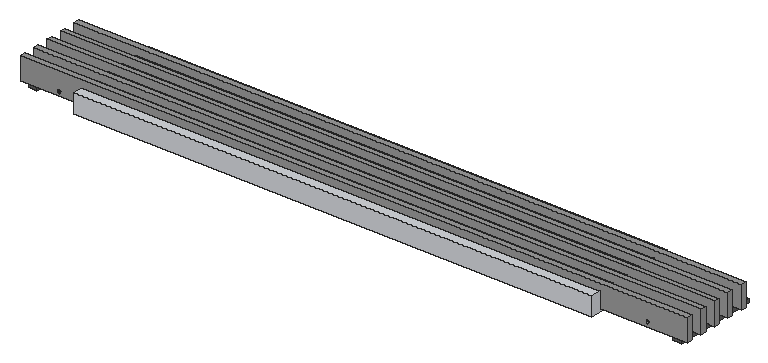
Revit family "1214-5, Solid", category Generic Models, host Face, Revit 2020
Family settings
  Host = Face
  Can host rebar = No
  Round Connector Dimension = Use Diameter
  Part Type = Normal
  Cut with Voids When Loaded = No
  Shared = No
  Room Calculation Point = No
Parameters
  min_value [instance] = 1' - 11 1/4"  # constant formula
  max_value [instance] = 11' - 11 1/4"  # constant formula
  actual_value [instance] = if(NET LENGTH < min_value, min_value, if(NET LENGTH > max_value, max_value, NET LENGTH))  # 7' - 11 1/4"
  NET LENGTH [instance] = 7' - 11 1/4"
  IMPORTANT NOTE!!!                                                                             *Backer & dowel layout is for visualization purposes only, final layout to be determined by 9Wood. [instance] = ""
  Default Elevation = 4' - 0"
  DOWEL RADIUS [instance] = 0' - 0 1/4"  # constant formula
  BACKING M MATERIAL [instance] = BLACK-BACKERS
  .. MEMBER WIDTH [instance] = 0' - 0 3/4"  # constant formula
  .. MEMBER MATERIAL [instance] = Solid Western Hemlock
  .. MEMBER DEPTH [instance] = 0' - 3 1/4"  # constant formula
  .. MEMBER COUNT [instance] = 5  # constant formula
Reference planes (in)
  plane 1 "Center (Front/Back)": y = 0
  plane 2: z = 2.726
  plane 3 "Center (Left/Right)": x = 0
Forms (in)
  Extrusion 1, solid
    sketch origin (15, -0.86619, -0.99308) x (0, 1, 0) y (-1, 0, 0)
      loop
        line (3.42869, -23.66817) -> (3.42869, 50.25) -> (-10, 50.25) -> (-10, -23.66817) -> (3.42869, -23.66817)
    from 3.71908 to 1.00111
Dimensions and locks (in)
  aligned and locked: plane 2 to Extrusion 1
Nested families (in)
  nested 1: "1200 Series" at (-44, -2, 1.87867), NET LENGTH <- "actual_value", DOWEL RADII <- "DOWEL RADIUS", .. MEMBER WIDTH <- ".. MEMBER WIDTH", .. MEMBER DEPTH <- ".. MEMBER DEPTH", .. MEMBER MATERIAL <- ".. MEMBER MATERIAL", BACKING M MATERIAL <- "BACKING M MATERIAL", .. MEMBER COUNT <- ".. MEMBER COUNT", type "1200 Series"
    with X 7' - 4", WIDTH 1' - 0 1/16", Space 0' - 0 11/16", START 0' - 0 3/8", SCRIM MATERIAL SCRIM, SCRIM 3 8' - 1", SCRIM 2 0' - 0 7/8", SCRIM 1 0' - 0 3/32", SCRIM yes, NET LENGTH 7' - 11 1/4", N 8, INSET 3 0' - 0 3/16", INSET 0' - 1", INDEX 0' - 5 5/8", END BACKER yes, DOWEL RADII 0' - 0 1/4", DOWEL COUNT 8, BACKING M WIDTH 0' - 1 1/4", BACKING M MATERIAL BLACK-BACKERS, BACKING M LENGTH 0' - 11 7/8", BACKING M DEPTH 0' - 0 1/2", .. MEMBER WIDTH 0' - 0 3/4", .. MEMBER OC TYP 0' - 2.4", .. MEMBER MATERIAL Solid Western Hemlock, .. MEMBER DEPTH 0' - 3 1/4", .. MEMBER COUNT 5
Definition of nested family "1200 Series"
  Parameters (values of type "1200 Series")
    X [instance] = NET LENGTH - (0' 3 5/8" * 2)  # 6' - 2"
    WIDTH [instance] = 1' - 0 1/16"
    Space [instance] = 0' - 0 11/16"  # constant formula
    START [instance] = .. MEMBER WIDTH / 2  # 0' - 0 3/8"
    SCRIM MATERIAL [instance] = none
    SCRIM 3 [instance] = NET LENGTH + (SCRIM 2 * 2)  # 6' - 11"
    SCRIM 2 [instance] = 0' - 0 7/8"
    SCRIM 1 [instance] = 0' - 0 3/32"
    SCRIM [instance] = yes
    NET LENGTH [instance] = 6' - 9 1/4"
    N [instance] = if((X - (rounddown(X / 1' 0") * 1' 0")) > 1' 0", rounddown(X / 1' 0") + 2, rounddown(X / 1' 0") + 1)  # 7
    INSET 3 [instance] = 0' - 0 3/16"
    INSET [instance] = 0' - 1"
    INDEX [instance] = (NET LENGTH - ((N - 1) * 1' 0")) / 2  # 0' - 4 5/8"
    END BACKER [instance] = yes
    Default Elevation = 0' - 0"
    DOWEL RADII [instance] = 0' - 0 1/4"
    DOWEL COUNT [instance] = N  # 7
    BACKING M WIDTH [instance] = 0' - 1 1/4"
    BACKING M MATERIAL [instance] = none
    BACKING M LENGTH [instance] = 0' - 11 7/8"
    BACKING M DEPTH [instance] = 0' - 0 1/2"
    .. MEMBER WIDTH [instance] = 0' - 0 3/4"
    .. MEMBER OC TYP [instance] = 1' 0" / .. MEMBER COUNT  # 0' - 3"
    .. MEMBER MATERIAL [instance] = none
    .. MEMBER DEPTH [instance] = 0' - 1 3/8"
    .. MEMBER COUNT [instance] = 4
  Reference planes (in)
    plane 1 "Center (Front/Back)": y = -7.5
    plane 2: z = 0
    plane 3 "Center (Left/Right)": x = 0
    plane 4: x = 1
    plane 5: x = 4.625
    plane 6: x = 81.25
    plane 7: x = 80.25
    plane 8: x = 16.625
    plane 9: y = -7.3125
    plane 10: y = -4.125
    plane 11: y = -7.125
    plane 12: y = 4.5625
    plane 13: y = -4.5
    plane 14: y = -7.59375
    plane 15: x = 82.125
    plane 16: y = 4.65625
    plane 17: x = -0.875
    plane 18: z = -1.375
    plane 19: z = -0.6875
  Lines and regions (in)
    model lines
      curve 1: line (4.375, -7.5, -0.6875) -> (4.875, -7.5, -0.6875)
    model lines, not visible
      curve 2: line (4.625, -7.5, -0.9375) -> (4.625, -7.5, -0.4375)
      curve 3: line (4.375, -7.5, -0.6875) -> (4.875, -7.5, -0.6875)
      curve 4: line (16.625, -7.5, -0.9375) -> (16.625, -7.5, -0.4375)
      curve 5: line (16.375, -7.5, -0.6875) -> (16.875, -7.5, -0.6875)
      curve 6: line (28.625, -7.5, -0.9375) -> (28.625, -7.5, -0.4375)
      curve 7: line (28.375, -7.5, -0.6875) -> (28.875, -7.5, -0.6875)
      curve 8: line (40.625, -7.5, -0.9375) -> (40.625, -7.5, -0.4375)
      curve 9: line (40.375, -7.5, -0.6875) -> (40.875, -7.5, -0.6875)
      curve 10: line (52.625, -7.5, -0.9375) -> (52.625, -7.5, -0.4375)
      curve 11: line (52.375, -7.5, -0.6875) -> (52.875, -7.5, -0.6875)
      curve 12: line (64.625, -7.5, -0.9375) -> (64.625, -7.5, -0.4375)
      curve 13: line (64.375, -7.5, -0.6875) -> (64.875, -7.5, -0.6875)
      curve 14: line (76.625, -7.5, -0.9375) -> (76.625, -7.5, -0.4375)
      curve 15: line (76.375, -7.5, -0.6875) -> (76.875, -7.5, -0.6875)
  Dimensions and locks (in)
    "NET LENGTH": plane 3 "Center (Left/Right)" to plane 6
    "INSET": plane 7 to plane 6
    "INDEX": plane 3 "Center (Left/Right)" to plane 5
    plane 5 to plane 8 = 1' - 0"
    "INSET 3": plane 1 "Center (Front/Back)" to plane 9
    equal spacing: group 1, group 2, group 3, group 4  (x3)
    "START": plane 11 to plane 1 "Center (Front/Back)"
    ".. MEMBER OC TYP": plane 10 to plane 11
    "WIDTH": plane 12 to plane 1 "Center (Front/Back)"
    "START": plane 10 to plane 13
    "SCRIM 1": plane 14 to plane 1 "Center (Front/Back)"
    "SCRIM 2": plane 6 to plane 15
    "SCRIM 1": plane 12 to plane 16
    "SCRIM 2": plane 17 to plane 3 "Center (Left/Right)"
    "INSET": plane 3 "Center (Left/Right)" to plane 4
    equal spacing: group 5, group 6, group 7, group 8, group 9, group 10, group 11  (x3)
    "Space": plane 19 to plane 18
    aligned and locked: level to plane 2
    aligned and locked: nested 1 to plane 4  (x2)
    aligned and locked: plane 7 to nested 2
    aligned and locked: plane 5 to nested 3
    aligned and locked: nested 1 to plane 9
    aligned and locked: plane 1 "Center (Front/Back)" to nested 4
    aligned and locked: plane 9 to nested 2
    aligned and locked: plane 13 to nested 5
    aligned and locked: nested 3 to plane 9
    aligned and locked: plane 18 to nested 1
    aligned and locked: plane 19 to nested 3
    aligned and locked: curve 1 to plane 19
    aligned and locked: plane 8 to curve 4
    aligned and locked: curve 5 to plane 19
    aligned and locked: nested 4 to plane 18
  Automatic sketch dimensions
    curve 1 to curve 1 = 0' - 0 1/2"
    curve 1 to plane 5 = 0' - 0 1/4"
    plane 5 to curve 1 = 0' - 0 1/4"
    curve 3 to curve 2 = 0' - 0 1/4"  (x2)
    curve 2 to curve 3 = 0' - 0 1/4"  (x2)
    curve 5 to curve 4 = 0' - 0 1/4"  (x2)
    curve 4 to curve 5 = 0' - 0 1/4"  (x2)
    curve 7 to curve 6 = 0' - 0 1/4"  (x2)
    curve 6 to curve 7 = 0' - 0 1/4"  (x2)
    curve 9 to curve 8 = 0' - 0 1/4"  (x2)
    curve 8 to curve 9 = 0' - 0 1/4"  (x2)
    curve 11 to curve 10 = 0' - 0 1/4"  (x2)
    curve 10 to curve 11 = 0' - 0 1/4"  (x2)
    curve 13 to curve 12 = 0' - 0 1/4"  (x2)
    curve 12 to curve 13 = 0' - 0 1/4"  (x2)
    curve 15 to curve 14 = 0' - 0 1/4"  (x2)
    curve 14 to curve 15 = 0' - 0 1/4"  (x2)
  Nested families (in)
    nested 1: "INSTANCE - 2ND -  EXTEND SIDE H CENTER W - Parametric Cube" at (1, -1.375, -1.375) x (0, -1, 0) z (0, 0, 1), Width <- "BACKING M LENGTH", Length <- "BACKING M WIDTH", Material <- "BACKING M MATERIAL", Height <- "BACKING M DEPTH", visible <- "END BACKER", type "INSTANCE - 2ND -  EXTEND SIDE H CENTER W - Parametric Cube"
      with Width 0' - 11 7/8", Material none, Length 0' - 1 1/4", Height 0' - 0 1/2"
    nested 2: "INSTANCE - 2ND -  EXTEND SIDE H CENTER W - Parametric Cube" at (80.25, -1.375, -1.375) x (0, -1, 0) z (0, 0, 1), Width <- "BACKING M LENGTH", Length <- "BACKING M WIDTH", Material <- "BACKING M MATERIAL", Height <- "BACKING M DEPTH", visible <- "END BACKER", type "INSTANCE - 2ND -  EXTEND SIDE H CENTER W - Parametric Cube"
      with Width 0' - 11 7/8", Material none, Length 0' - 1 1/4", Height 0' - 0 1/2"
    nested 3: "Family3" at (-5.375, -7.3125, -0.6875), DOWEL RADII <- "DOWEL RADII", BACKING MEM MATERIAL <- "BACKING M MATERIAL", type "Family3"
      with DOWEL RADII 0' - 0 1/4", DOWEL LENGTH 0' - 11 7/8", BACKING MEM MATERIAL none
    nested 4: "HOLED MEMBER" at (0, -18.75, 6.19404), DOWEL RADII <- "DOWEL RADII", .. MEMBER LENGTH <- "NET LENGTH", DOWEL COUNT <- "DOWEL COUNT", DEPTH <- ".. MEMBER DEPTH", .. MEMBER WIDTH <- ".. MEMBER WIDTH", Material <- ".. MEMBER MATERIAL", DOWEL INDEX <- "INDEX", Space 2 <- "Space", type "HOLED MEMBER"
      with Width 0' - 6", Space 2 0' - 0 11/16", Material none, Length 1' - 0", Height 0' - 10.43096", DOWEL RADII 0' - 0 1/4", DOWEL OC DIST 1' - 0", DOWEL INDEX 0' - 4 5/8", DOWEL COUNT 7, DEPTH 0' - 1 3/8", .. MEMBER WIDTH 0' - 0 3/4", .. MEMBER LENGTH 6' - 9 1/4"
    nested 5: "HOLED MEMBER" at (0, -15.75, 6.19404), DOWEL RADII <- "DOWEL RADII", .. MEMBER LENGTH <- "NET LENGTH", DOWEL COUNT <- "DOWEL COUNT", DEPTH <- ".. MEMBER DEPTH", .. MEMBER WIDTH <- ".. MEMBER WIDTH", Material <- ".. MEMBER MATERIAL", DOWEL INDEX <- "INDEX", Space 2 <- "Space", type "HOLED MEMBER"
      with Width 0' - 6", Space 2 0' - 0 11/16", Material none, Length 1' - 0", Height 0' - 10.43096", DOWEL RADII 0' - 0 1/4", DOWEL OC DIST 1' - 0", DOWEL INDEX 0' - 4 5/8", DOWEL COUNT 7, DEPTH 0' - 1 3/8", .. MEMBER WIDTH 0' - 0 3/4", .. MEMBER LENGTH 6' - 9 1/4"
    nested 6: "HOLED MEMBER" at (0, -12.75, 6.19404), DOWEL RADII <- "DOWEL RADII", .. MEMBER LENGTH <- "NET LENGTH", DOWEL COUNT <- "DOWEL COUNT", DEPTH <- ".. MEMBER DEPTH", .. MEMBER WIDTH <- ".. MEMBER WIDTH", Material <- ".. MEMBER MATERIAL", DOWEL INDEX <- "INDEX", Space 2 <- "Space", type "HOLED MEMBER"
      with Width 0' - 6", Space 2 0' - 0 11/16", Material none, Length 1' - 0", Height 0' - 10.43096", DOWEL RADII 0' - 0 1/4", DOWEL OC DIST 1' - 0", DOWEL INDEX 0' - 4 5/8", DOWEL COUNT 7, DEPTH 0' - 1 3/8", .. MEMBER WIDTH 0' - 0 3/4", .. MEMBER LENGTH 6' - 9 1/4"
    nested 7: "HOLED MEMBER" at (0, -9.75, 6.19404), DOWEL RADII <- "DOWEL RADII", .. MEMBER LENGTH <- "NET LENGTH", DOWEL COUNT <- "DOWEL COUNT", DEPTH <- ".. MEMBER DEPTH", .. MEMBER WIDTH <- ".. MEMBER WIDTH", Material <- ".. MEMBER MATERIAL", DOWEL INDEX <- "INDEX", Space 2 <- "Space", type "HOLED MEMBER"
      with Width 0' - 6", Space 2 0' - 0 11/16", Material none, Length 1' - 0", Height 0' - 10.43096", DOWEL RADII 0' - 0 1/4", DOWEL OC DIST 1' - 0", DOWEL INDEX 0' - 4 5/8", DOWEL COUNT 7, DEPTH 0' - 1 3/8", .. MEMBER WIDTH 0' - 0 3/4", .. MEMBER LENGTH 6' - 9 1/4"
    nested 8: "Family3" at (6.625, -7.3125, -0.6875), DOWEL RADII <- "DOWEL RADII", BACKING MEM MATERIAL <- "BACKING M MATERIAL", type "Family3"
      with DOWEL RADII 0' - 0 1/4", DOWEL LENGTH 0' - 11 7/8", BACKING MEM MATERIAL none
    nested 9: "Family3" at (18.625, -7.3125, -0.6875), DOWEL RADII <- "DOWEL RADII", BACKING MEM MATERIAL <- "BACKING M MATERIAL", type "Family3"
      with DOWEL RADII 0' - 0 1/4", DOWEL LENGTH 0' - 11 7/8", BACKING MEM MATERIAL none
    nested 10: "Family3" at (30.625, -7.3125, -0.6875), DOWEL RADII <- "DOWEL RADII", BACKING MEM MATERIAL <- "BACKING M MATERIAL", type "Family3"
      with DOWEL RADII 0' - 0 1/4", DOWEL LENGTH 0' - 11 7/8", BACKING MEM MATERIAL none
    nested 11: "Family3" at (42.625, -7.3125, -0.6875), DOWEL RADII <- "DOWEL RADII", BACKING MEM MATERIAL <- "BACKING M MATERIAL", type "Family3"
      with DOWEL RADII 0' - 0 1/4", DOWEL LENGTH 0' - 11 7/8", BACKING MEM MATERIAL none
    nested 12: "Family3" at (54.625, -7.3125, -0.6875), DOWEL RADII <- "DOWEL RADII", BACKING MEM MATERIAL <- "BACKING M MATERIAL", type "Family3"
      with DOWEL RADII 0' - 0 1/4", DOWEL LENGTH 0' - 11 7/8", BACKING MEM MATERIAL none
    nested 13: "Family3" at (66.625, -7.3125, -0.6875), DOWEL RADII <- "DOWEL RADII", BACKING MEM MATERIAL <- "BACKING M MATERIAL", type "Family3"
      with DOWEL RADII 0' - 0 1/4", DOWEL LENGTH 0' - 11 7/8", BACKING MEM MATERIAL none
  Definition of nested family "INSTANCE - 2ND -  EXTEND SIDE H CENTER W - Parametric Cube"
    Parameters (values of type "INSTANCE - 2ND -  EXTEND SIDE H CENTER W - Parametric Cube")
      Width [instance] = 0' - 6"
      Material [instance] = none
      Length [instance] = 1' - 0"
      Height [instance] = 1' - 6"
      Default Elevation = 0' - 0"
    Reference planes (in)
      plane 1 "Center (Front/Back)": y = 0
      plane 2: z = 0
      plane 3 "Center (Left/Right)": x = 0
      plane 4: x = -3
      plane 5: x = 3
      plane 6: y = 12
      plane 7: z = -18
    Forms (in)
      Extrusion 1, solid, material <- "Material"
        sketch origin (0, 6, 0) x (1, 0, 0) y (0, 1, 0)
          loop
            line (-3, 6) -> (-3, -6) -> (3, -6) -> (3, 6) -> (-3, 6)
        from -18 to 0
    Dimensions and locks (in)
      equal spacing: plane 4, plane 3 "Center (Left/Right)", plane 5
      "Width": plane 4 to plane 5
      "Height": plane 7 to level
      "Length": plane 1 "Center (Front/Back)" to plane 6
      aligned and locked: plane 2 to level
      aligned and locked: plane 4 to Extrusion 1 sketch curve
      aligned and locked: Extrusion 1 sketch curve to plane 5
      aligned and locked: Extrusion 1 to plane 7
      aligned and locked: plane 6 to Extrusion 1
    Automatic sketch dimensions
      plane 1 "Center (Front/Back)" to Extrusion 1 sketch curve = 0' - 0"
      plane 6 to Extrusion 1 sketch curve = 0' - 0"
  Definition of nested family "Family3"
    Parameters (values of type "Family3")
      Default Elevation = 0' - 0"
      DOWEL RADII [instance] = 0' - 0 5/8"
      DOWEL LENGTH [instance] = 0' - 5"
      BACKING MEM MATERIAL [instance] = none
    Reference planes (in)
      plane 1 "Center (Front/Back)": y = 0
      plane 2: z = 0
      plane 3 "Center (Left/Right)": x = 0
      plane 4: y = 5
    Forms (in)
      Extrusion 1, solid, material <- "BACKING MEM MATERIAL"
        sketch origin (10, 0, 0) x (1, 0, 0) y (0, 0, 1)
          loop
            circle (0, 0) r 0.625
        from 0 to -5
      Extrusion 2, solid, not visible
        sketch origin (0, 0, 0) x (1, 0, 0) y (0, 0, 1)
          loop
            circle (0, 0) r 0.625
        from 0 to 12
      Extrusion 3, solid, not visible
        sketch origin (10, 0, 0) x (1, 0, 0) y (0, 0, 1)
          loop
            circle (0, 0) r 0.625
        from 0 to 2.5
      Extrusion 4, solid, not visible
        sketch origin (10, 0, 0) x (1, 0, 0) y (0, 0, 1)
          loop
            circle (0, 0) r 0.625
        from 0 to -12
    Lines and regions (in)
      model lines, not visible
        curve 1: line (-13, 0, 0) -> (-13, -12, 0)
        curve 2: line (13, 0, 0) -> (13, -12, 0)
        curve 3: line (9.89453, 0, 0) -> (10.08794, 0, 0)
        curve 4: line (9.89453, -2.5, 0) -> (10.08794, -2.5, 0)
        curve 6: line (10, 0, 0) -> (10, 2, 0)
      model lines
        curve 5: line (10, 0, 0) -> (10, 2, 0)
    Dimensions and locks (in)
      "DOWEL LENGTH": plane 1 "Center (Front/Back)" to plane 4
      "DOWEL RADII": radius of Extrusion 1 sketch curve
      "DOWEL RADII": radius of Extrusion 2 sketch curve
      "DOWEL RADII": radius of Extrusion 3 sketch curve
      "DOWEL RADII": radius of Extrusion 4 sketch curve
      "DOWEL RADII": radius of Extrusion 1
      aligned and locked: plane 2 to level
      aligned and locked: Extrusion 1 to plane 1 "Center (Front/Back)"  (x3)
      aligned and locked: plane 1 "Center (Front/Back)" to Extrusion 1
      aligned and locked: plane 4 to Extrusion 1
    Automatic sketch dimensions
      plane 1 "Center (Front/Back)" to curve 5 = 0' - 0"
      curve 5 to plane 1 "Center (Front/Back)" = 0' - 2"
      plane 3 "Center (Left/Right)" to curve 5 = 0' - 10"
      Extrusion 1 sketch curve to level = 0' - 0"
      plane 3 "Center (Left/Right)" to Extrusion 1 sketch curve = 0' - 10"
  Definition of nested family "HOLED MEMBER"
    Parameters (values of type "HOLED MEMBER")
      Width [instance] = 0' - 6"
      Space 2 [instance] = 0' - 0 5/8"
      Space = 0' - 0 5/8"
      Material [instance] = none
      Length [instance] = 1' - 0"
      Height [instance] = 0' - 10.43096"
      Default Elevation = 0' - 0"
      DOWEL RADII [instance] = 0' - 0.34537"
      DOWEL OC DIST [instance] = 1' - 0"
      DOWEL INSET = 0' - 0 5/8"
      DOWEL INDEX [instance] = 0' - 5 5/8"
      DOWEL COUNT [instance] = 6
      DEPTH [instance] = 0' - 2"
      .. MEMBER WIDTH [instance] = 0' - 0 5/8"
      .. MEMBER LENGTH [instance] = 5' - 11 3/4"
    Reference planes (in)
      plane 1 "Center (Front/Back)": y = 12
      plane 2: z = -7.56904
      plane 3 "Center (Left/Right)": x = 0
      plane 4: x = 5.625
      plane 5: x = 17.625
      plane 6: y = 11.375
      plane 7: x = 71.75
      plane 8: z = -6.94404
      plane 9: z = -5.56904
    Forms (in)
      Extrusion 1, solid, material <- "Material"
        sketch origin (0, 12, -13.56904) x (1, 0, 0) y (0, 0, 1)
          loop
            line (0, 6) -> (71.75, 6) -> (71.75, 8) -> (0, 8) -> (0, 6)
        from 0.625 to 0
      Extrusion 2, void
        sketch origin (0, 12, -18.31904) x (1, 0, 0) y (0, 0, 1)
          loop
            circle (5.625, 11.375) r 0.34537
        from 0 to 12
      Extrusion 3, void, not visible
        sketch origin (0, 1.25, 0) x (1, 0, 0) y (0, 1, 0)
          loop
            circle (5.625, 11.375) r 0.34537
        from 0 to 12
      Extrusion 4, void, not visible
        sketch origin (0, 1.25, 0) x (1, 0, 0) y (0, 1, 0)
          loop
            circle (5.625, 11.375) r 0.34537
        from 0 to 12
      Extrusion 5, void, not visible
        sketch origin (12, 1.25, 0) x (1, 0, 0) y (0, 1, 0)
          loop
            circle (5.625, 11.375) r 0.34537
        from 0 to 12
      Extrusion 6, void, not visible
        sketch origin (0, 12, -16.31904) x (1, 0, 0) y (0, 0, 1)
          loop
            circle (5.625, 11.375) r 0.34537
        from 0 to 12
      Extrusion 7, void, not visible
        sketch origin (12, 12, -16.31904) x (1, 0, 0) y (0, 0, 1)
          loop
            circle (5.625, 11.375) r 0.34537
        from 0 to 12
      Extrusion 8, void, not visible
        sketch origin (0, 12, -18.31904) x (1, 0, 0) y (0, 0, 1)
          loop
            circle (5.625, 11.375) r 0.34537
        from 0 to 12
      Extrusion 9, void
        sketch origin (12, 12, -18.31904) x (1, 0, 0) y (0, 0, 1)
          loop
            circle (5.625, 11.375) r 0.34537
        from 0 to 12
      Extrusion 10, void, not visible
        sketch origin (24, 12, -16.31904) x (1, 0, 0) y (0, 0, 1)
          loop
            circle (5.625, 11.375) r 0.34537
        from 0 to 12
      Extrusion 11, void, not visible
        sketch origin (36, 12, -16.31904) x (1, 0, 0) y (0, 0, 1)
          loop
            circle (5.625, 11.375) r 0.34537
        from 0 to 12
      Extrusion 12, void, not visible
        sketch origin (48, 12, -16.31904) x (1, 0, 0) y (0, 0, 1)
          loop
            circle (5.625, 11.375) r 0.34537
        from 0 to 12
      Extrusion 13, void, not visible
        sketch origin (60, 12, -16.31904) x (1, 0, 0) y (0, 0, 1)
          loop
            circle (5.625, 11.375) r 0.34537
        from 0 to 12
      Extrusion 14, void, not visible
        sketch origin (24, 1.25, 0) x (1, 0, 0) y (0, 1, 0)
          loop
            circle (5.625, 11.375) r 0.34537
        from 0 to 12
      Extrusion 15, void, not visible
        sketch origin (36, 1.25, 0) x (1, 0, 0) y (0, 1, 0)
          loop
            circle (5.625, 11.375) r 0.34537
        from 0 to 12
      Extrusion 16, void, not visible
        sketch origin (48, 1.25, 0) x (1, 0, 0) y (0, 1, 0)
          loop
            circle (5.625, 11.375) r 0.34537
        from 0 to 12
      Extrusion 17, void, not visible
        sketch origin (60, 1.25, 0) x (1, 0, 0) y (0, 1, 0)
          loop
            circle (5.625, 11.375) r 0.34537
        from 0 to 12
      Extrusion 18, void
        sketch origin (24, 12, -18.31904) x (1, 0, 0) y (0, 0, 1)
          loop
            circle (5.625, 11.375) r 0.34537
        from 0 to 12
      Extrusion 19, void
        sketch origin (36, 12, -18.31904) x (1, 0, 0) y (0, 0, 1)
          loop
            circle (5.625, 11.375) r 0.34537
        from 0 to 12
      Extrusion 20, void
        sketch origin (48, 12, -18.31904) x (1, 0, 0) y (0, 0, 1)
          loop
            circle (5.625, 11.375) r 0.34537
        from 0 to 12
      Extrusion 21, void
        sketch origin (60, 12, -18.31904) x (1, 0, 0) y (0, 0, 1)
          loop
            circle (5.625, 11.375) r 0.34537
        from 0 to 12
    Cuts and joins
      Extrusion 2, Extrusion 9, Extrusion 18, Extrusion 19, Extrusion 20, Extrusion 21 cuts Extrusion 1
    Lines and regions (in)
      model lines, not visible
        curve 1: line (5.625, 11.72037, 0) -> (5.625, 11.02963, 0)
        curve 2: line (5.625, 11.72037, 0) -> (5.625, 11.02963, 0)
        curve 3: line (17.625, 11.72037, 0) -> (17.625, 11.02963, 0)
        curve 4: line (5.625, 12, -7.56904) -> (5.625, 11.87317, -7.56904)
        curve 5: line (5.625, 11.87317, -7.56904) -> (5.06195, 11.87317, -7.56904)
        curve 6: line (5.06195, 11.87317, -7.56904) -> (5.27963, 11.375, -7.56904)
        curve 7: line (0, 12, -6.19404) -> (0, 11.61951, -6.19404)
        curve 8: line (0, 11.375, -8.19404) -> (0, 11.6747, -8.19404)
        curve 9: line (5.625, 12, -7.56904) -> (5.625, 11.69863, -7.56904)
        curve 11: line (5.625, 12, 0) -> (5.625, 12, 0.30137)
        curve 12: line (5.625, 12, 0) -> (5.625, 12, 0.30137)
        curve 13: line (17.625, 12, 0) -> (17.625, 12, 0.30137)
        curve 14: line (5.625, 12, -5.56904) -> (5.625, 11.69863, -5.56904)
        curve 15: line (17.625, 12, -5.56904) -> (17.625, 11.69863, -5.56904)
        curve 16: line (5.625, 12, -7.56904) -> (5.625, 11.69863, -7.56904)
        curve 18: line (29.625, 12, -5.56904) -> (29.625, 11.69863, -5.56904)
        curve 19: line (41.625, 12, -5.56904) -> (41.625, 11.69863, -5.56904)
        curve 20: line (53.625, 12, -5.56904) -> (53.625, 11.69863, -5.56904)
        curve 21: line (65.625, 12, -5.56904) -> (65.625, 11.69863, -5.56904)
        curve 22: line (29.625, 11.72037, 0) -> (29.625, 11.02963, 0)
        curve 23: line (29.625, 12, 0) -> (29.625, 12, 0.30137)
        curve 24: line (41.625, 11.72037, 0) -> (41.625, 11.02963, 0)
        curve 25: line (41.625, 12, 0) -> (41.625, 12, 0.30137)
        curve 26: line (53.625, 11.72037, 0) -> (53.625, 11.02963, 0)
        curve 27: line (53.625, 12, 0) -> (53.625, 12, 0.30137)
        curve 28: line (65.625, 11.72037, 0) -> (65.625, 11.02963, 0)
        curve 29: line (65.625, 12, 0) -> (65.625, 12, 0.30137)
        curve 35: line (5.27963, 12.625, 0) -> (5.97037, 12.625, 0)
        curve 36: line (5.27963, 12.625, 0) -> (5.97037, 12.625, 0)
        curve 37: line (17.27963, 12.625, 0) -> (17.97037, 12.625, 0)
        curve 38: line (5.27963, 12, -4.94404) -> (5.97037, 12, -4.94404)
        curve 39: line (17.27963, 12, -4.94404) -> (17.97037, 12, -4.94404)
        curve 40: line (5.27963, 12, -6.94404) -> (5.97037, 12, -6.94404)
        curve 42: line (29.27963, 12, -4.94404) -> (29.97037, 12, -4.94404)
        curve 43: line (41.27963, 12, -4.94404) -> (41.97037, 12, -4.94404)
        curve 44: line (53.27963, 12, -4.94404) -> (53.97037, 12, -4.94404)
        curve 45: line (65.27963, 12, -4.94404) -> (65.97037, 12, -4.94404)
        curve 46: line (29.27963, 12.625, 0) -> (29.97037, 12.625, 0)
        curve 47: line (41.27963, 12.625, 0) -> (41.97037, 12.625, 0)
        curve 48: line (53.27963, 12.625, 0) -> (53.97037, 12.625, 0)
        curve 49: line (65.27963, 12.625, 0) -> (65.97037, 12.625, 0)
        curve 54: line (0, 12, -6.94404) -> (0, 4.22059, -6.94404)
        curve 55: line (0, 12.625, 0) -> (0, 12.625, 7.77941)
        curve 56: line (0, 12.625, 0) -> (0, 12.625, 7.77941)
        curve 57: line (12, 12.625, 0) -> (12, 12.625, 7.77941)
        curve 58: line (0, 12, -4.94404) -> (0, 4.22059, -4.94404)
        curve 59: line (12, 12, -4.94404) -> (12, 4.22059, -4.94404)
        curve 60: line (0, 12, -6.94404) -> (0, 4.22059, -6.94404)
        curve 61: line (12, 12, -6.94404) -> (12, 4.22059, -6.94404)
        curve 62: line (24, 12, -4.94404) -> (24, 4.22059, -4.94404)
        curve 63: line (36, 12, -4.94404) -> (36, 4.22059, -4.94404)
        curve 64: line (48, 12, -4.94404) -> (48, 4.22059, -4.94404)
        curve 65: line (60, 12, -4.94404) -> (60, 4.22059, -4.94404)
        curve 66: line (24, 12.625, 0) -> (24, 12.625, 7.77941)
        curve 67: line (36, 12.625, 0) -> (36, 12.625, 7.77941)
        curve 68: line (48, 12.625, 0) -> (48, 12.625, 7.77941)
        curve 69: line (60, 12.625, 0) -> (60, 12.625, 7.77941)
        curve 70: line (24, 12, -6.94404) -> (24, 4.22059, -6.94404)
        curve 71: line (36, 12, -6.94404) -> (36, 4.22059, -6.94404)
        curve 72: line (48, 12, -6.94404) -> (48, 4.22059, -6.94404)
        curve 73: line (60, 12, -6.94404) -> (60, 4.22059, -6.94404)
      model lines
        curve 10: line (5.625, 12, -7.56904) -> (5.625, 11.69863, -7.56904)
        curve 17: line (17.625, 12, -7.56904) -> (17.625, 11.69863, -7.56904)
        curve 30: line (29.625, 12, -7.56904) -> (29.625, 11.69863, -7.56904)
        curve 31: line (41.625, 12, -7.56904) -> (41.625, 11.69863, -7.56904)
        curve 32: line (53.625, 12, -7.56904) -> (53.625, 11.69863, -7.56904)
        curve 33: line (65.625, 12, -7.56904) -> (65.625, 11.69863, -7.56904)
        curve 34: line (5.27963, 12, -6.94404) -> (5.97037, 12, -6.94404)
        curve 41: line (17.27963, 12, -6.94404) -> (17.97037, 12, -6.94404)
        curve 50: line (29.27963, 12, -6.94404) -> (29.97037, 12, -6.94404)
        curve 51: line (41.27963, 12, -6.94404) -> (41.97037, 12, -6.94404)
        curve 52: line (53.27963, 12, -6.94404) -> (53.97037, 12, -6.94404)
        curve 53: line (65.27963, 12, -6.94404) -> (65.97037, 12, -6.94404)
    Dimensions and locks (in)
      "DOWEL INDEX": plane 3 "Center (Left/Right)" to plane 4
      "DOWEL OC DIST": plane 4 to plane 5
      ".. MEMBER LENGTH": plane 3 "Center (Left/Right)" to plane 7
      equal spacing: group 3, group 4, group 17, group 18, group 19, group 20  (x3)
      equal spacing: group 7, group 8, group 13, group 14, group 15, group 16  (x3)
      equal spacing: group 1, group 12, group 21, group 22, group 23, group 24  (x3)
      ".. MEMBER WIDTH": plane 6 to plane 1 "Center (Front/Back)"
      "DEPTH": plane 9 to level
      "Space 2": plane 8 to level
      "DOWEL RADII": radius of Extrusion 2 sketch curve
      "DOWEL RADII": radius of Extrusion 3 sketch curve
      "DOWEL RADII": radius of Extrusion 4 sketch curve
      "DOWEL RADII": radius of Extrusion 5 sketch curve
      "DOWEL RADII": radius of Extrusion 6 sketch curve
      "DOWEL RADII": radius of Extrusion 7 sketch curve
      "DOWEL RADII": radius of Extrusion 8 sketch curve
      "DOWEL RADII": radius of Extrusion 9 sketch curve
      "DOWEL RADII": radius of Extrusion 10 sketch curve
      "DOWEL RADII": radius of Extrusion 11 sketch curve
      "DOWEL RADII": radius of Extrusion 12 sketch curve
      "DOWEL RADII": radius of Extrusion 13 sketch curve
      "DOWEL RADII": radius of Extrusion 14 sketch curve
      "DOWEL RADII": radius of Extrusion 15 sketch curve
      "DOWEL RADII": radius of Extrusion 16 sketch curve
      "DOWEL RADII": radius of Extrusion 17 sketch curve
      "DOWEL RADII": radius of Extrusion 18 sketch curve
      "DOWEL RADII": radius of Extrusion 19 sketch curve
      "DOWEL RADII": radius of Extrusion 20 sketch curve
      "DOWEL RADII": radius of Extrusion 21 sketch curve
      aligned and locked: level to plane 2
      aligned and locked: Extrusion 1 to plane 3 "Center (Left/Right)"  (x2)
      aligned and locked: plane 7 to cut or joined group of Extrusion 1, Extrusion 2, Extrusion 9, Extrusion 18, Extrusion 19, Extrusion 20, Extrusion 21  (x2)
      aligned and locked: cut or joined group of Extrusion 1, Extrusion 2, Extrusion 9, Extrusion 18, Extrusion 19, Extrusion 20, Extrusion 21 to plane 1 "Center (Front/Back)"  (x2)
      aligned and locked: cut or joined group of Extrusion 1, Extrusion 2, Extrusion 9, Extrusion 18, Extrusion 19, Extrusion 20, Extrusion 21 to plane 6  (x2)
      aligned and locked: plane 4 to curve 10
      aligned and locked: plane 5 to curve 17
      aligned and locked: plane 9 to cut or joined group of Extrusion 1, Extrusion 2, Extrusion 9, Extrusion 18, Extrusion 19, Extrusion 20, Extrusion 21  (x2)
      aligned and locked: cut or joined group of Extrusion 1, Extrusion 2, Extrusion 9, Extrusion 18, Extrusion 19, Extrusion 20, Extrusion 21 to level
      aligned and locked: plane 8 to Extrusion 2
      aligned and locked: curve 34 to plane 8
      aligned and locked: curve 41 to plane 8
      aligned and locked: level to curve 10
      aligned and locked: curve 10 to level
      aligned and locked: plane 8 to cut or joined group of Extrusion 1, Extrusion 2, Extrusion 9, Extrusion 18, Extrusion 19, Extrusion 20, Extrusion 21
      aligned and locked: curve 54 to plane 8
    Automatic sketch dimensions
      curve 1 to curve 1 = 0' - 0.69074"
      curve 2 to curve 2 = 0' - 0.69074"
      curve 3 to curve 3 = 0' - 0.69074"
      Extrusion 1 sketch curve to plane 3 "Center (Left/Right)" = 0' - 0"
      Extrusion 1 sketch curve to plane 7 = 0' - 0"
      Extrusion 1 sketch curve to Extrusion 1 sketch curve = 0' - 2"
      level to Extrusion 1 sketch curve = 0' - 0"
      curve 9 to curve 9 = 0' - 0.30137"
      curve 10 to curve 10 = 0' - 0.30137"
      curve 11 to curve 11 = 0' - 0.30137"
      curve 12 to curve 12 = 0' - 0.30137"
      curve 13 to curve 13 = 0' - 0.30137"
      curve 14 to curve 14 = 0' - 0.30137"
      curve 15 to curve 15 = 0' - 0.30137"
      curve 16 to curve 16 = 0' - 0.30137"
      curve 17 to curve 17 = 0' - 0.30137"
      curve 18 to curve 18 = 0' - 0.30137"
      curve 19 to curve 19 = 0' - 0.30137"
      curve 20 to curve 20 = 0' - 0.30137"
      curve 21 to curve 21 = 0' - 0.30137"
      curve 22 to curve 22 = 0' - 0.69074"
      curve 23 to curve 23 = 0' - 0.30137"
      curve 24 to curve 24 = 0' - 0.69074"
      curve 25 to curve 25 = 0' - 0.30137"
      curve 26 to curve 26 = 0' - 0.69074"
      curve 27 to curve 27 = 0' - 0.30137"
      curve 28 to curve 28 = 0' - 0.69074"
      curve 29 to curve 29 = 0' - 0.30137"
      curve 30 to curve 30 = 0' - 0.30137"
      curve 31 to curve 31 = 0' - 0.30137"
      curve 32 to curve 32 = 0' - 0.30137"
      curve 33 to curve 33 = 0' - 0.30137"
      curve 34 to curve 34 = 0' - 0.69074"
      curve 35 to curve 35 = 0' - 0.69074"
      curve 36 to curve 36 = 0' - 0.69074"
      curve 37 to curve 37 = 0' - 0.69074"
      curve 38 to curve 38 = 0' - 0.69074"
      curve 39 to curve 39 = 0' - 0.69074"
      curve 40 to curve 40 = 0' - 0.69074"
      curve 41 to curve 41 = 0' - 0.69074"
      curve 42 to curve 42 = 0' - 0.69074"
      curve 43 to curve 43 = 0' - 0.69074"
      curve 44 to curve 44 = 0' - 0.69074"
      curve 45 to curve 45 = 0' - 0.69074"
      curve 46 to curve 46 = 0' - 0.69074"
      curve 47 to curve 47 = 0' - 0.69074"
      curve 48 to curve 48 = 0' - 0.69074"
      curve 49 to curve 49 = 0' - 0.69074"
      curve 50 to curve 50 = 0' - 0.69074"
      curve 51 to curve 51 = 0' - 0.69074"
      curve 52 to curve 52 = 0' - 0.69074"
      curve 53 to curve 53 = 0' - 0.69074"
      curve 54 to curve 54 = 0' - 7.77941"
      curve 55 to curve 55 = 0' - 7.77941"
      curve 56 to curve 56 = 0' - 7.77941"
      curve 57 to curve 57 = 0' - 7.77941"
      curve 58 to curve 58 = 0' - 7.77941"
      curve 59 to curve 59 = 0' - 7.77941"
      curve 60 to curve 60 = 0' - 7.77941"
      curve 61 to curve 61 = 0' - 7.77941"
      curve 62 to curve 62 = 0' - 7.77941"
      curve 63 to curve 63 = 0' - 7.77941"
      curve 64 to curve 64 = 0' - 7.77941"
      curve 65 to curve 65 = 0' - 7.77941"
      curve 66 to curve 66 = 0' - 7.77941"
      curve 67 to curve 67 = 0' - 7.77941"
      curve 68 to curve 68 = 0' - 7.77941"
      curve 69 to curve 69 = 0' - 7.77941"
      curve 70 to curve 70 = 0' - 7.77941"
      curve 71 to curve 71 = 0' - 7.77941"
      curve 72 to curve 72 = 0' - 7.77941"
      curve 73 to curve 73 = 0' - 7.77941"
